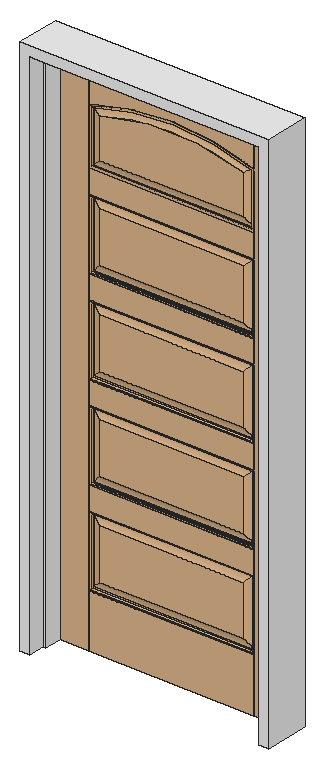
Revit family
Parameters (values of type "1 3/4" Raised Panel")
  URL = "http://www.karonadoor.com"
  Thickness Note = "Do not edit thickness."  # constant formula
  Thickness = 1.774"
  Swing Angle 2D = 90.00°
  SmartBIM Object Version = 1  # constant formula
  SmartBIM Object Created By = "Reed Construction Data"  # constant formula
  Rough Width = 0.000"
  Rough Height = 1.750"
  Panel = Panel_A3050_Karona : 1 3/4" Raised
  Model = "A3050 Ogee"  # constant formula
  Manufacturer = "Karona , Inc."  # constant formula
  Door Panel = Wood, Cherry - Grain Vertical
  Detail Door Thickness = 1.750"
  Assembly Code = ""
  Top Rail Height = 5.000"
  Top Rail = Wood, Cherry - Grain Horizontal
  Stile Width = 5.063"
  Stile = Wood, Cherry - Grain Vertical
  Sticking = Wood, Cherry - Grain Vertical
  Middle Rail = Wood, Cherry - Grain Horizontal
  Height = 84.000"
  Wall Closure = (empty or 0)
  Width = 36.000"
  Frame = Metal
  Bottom Rail Height = 8.500"
  Bottom Rail = Wood, Cherry - Grain Horizontal
  95 CSI = "08210"  # constant formula
  04 CSI = "08 14 33"  # constant formula
Types (9): name | Thickness | Rough Height | Panel | Door Panel | Detail Door Thickness | Top Rail Height | Stile Width | Bottom Rail Height
  1 3/4" Flat Panel | 1.774" | 1.750" | Panel_A3050_Karona : 1 3/4" - Flat Panel | Wood, Cherry - Grain Vertical | 1.750" | 5.000" | 5.063" | 8.500"
  1 3/8" Flat Panel | 1.334" | 0.000" | Panel_A3050_Karona : 1 3/8" - Flat Panel | Wood, Cherry - Grain Vertical | 1.375" | 5.000" | 5.063" | 8.500"
  2 1/4" Flat Panel | 2.250" | 0.000" | Panel_A3050_Karona : 2 1/4" - Flat Panel | Wood, Cherry - Grain Vertical | 2.250" | 5.000" | 5.063" | 8.500"
  1 3/4" Glass Panel | 1.774" | 1.750" | Panel_A3050_Karona : 1 3/4" - Glass Panel | Glass | 1.750" | 5.000" | 5.063" | 8.500"
  1 3/8" Glass Panel | 1.334" | 0.000" | Panel_A3050_Karona : 1 3/8" - Glass Panel | Glass | 1.375" | 5.000" | 5.063" | 8.500"
  2 1/4" Glass Panel | 2.250" | 0.000" | Panel_A3050_Karona : 2 1/4" - Glass | Glass | 2.250" | 5.000" | 5.063" | 8.500"
  1 3/4" Raised Panel | 1.774" | 1.750" | Panel_A3050_Karona : 1 3/4" Raised | Wood, Cherry - Grain Vertical | 1.750" | 5.000" | 5.063" | 8.500"
  1 3/8" Raised Panel | 1.334" | 0.000" | Panel_A3050_Karona : 1 3/8"Raised | Wood, Cherry - Grain Vertical | 1.375" | 5.000" | 5.063" | 8.500"
  2 1/4" Raised Panel | 2.250" | 0.000" | Panel_A3050_Karona : 2 1/4" Raised | Wood, Cherry - Grain Vertical | 2.250" | 10.000" | 7.000" | 10.000"
Reference planes (in)
  plane 1 "Center (Front/Back)": y = 0
  plane 2 "Center (Left/Right)": x = 0
  plane 3 "Left": x = -18
  plane 4 "Right": x = 18
  plane 5 "Top": z = 84
  plane 6 "Exterior Edge of Frame": y = 3.25
  plane 7 "Interior Edge of Frame": y = -3.75
  plane 8: y = 1.476
  plane 9: y = -1.25
  plane 10 "Opening Left": x = -19.5
  plane 11 "Opening Right": x = 19.5
  plane 12 "Top of Opening": z = 85.5
  plane 13: x = -17.5
Forms (in)
  Sweep 1, solid, material "Metal" <- "Frame"
    path origin (0, 0, 0) x (1, 0, 0) y (0, 0, 1)
      loop
        line (-19.5, 0) -> (-19.5, 85.5) -> (19.5, 85.5) -> (19.5, 0)
    profile origin (-19.5, 0, 42.75) x (-1, 0, 0) y (0, -1, 0)
      loop
        line (0, -3.25) -> (0, 3.75) -> (-1.5, 3.75) -> (-1.5, 1.25) -> (-2, 1.25) -> (-2, -1.476) -> (-1.5, -1.476) -> (-1.5, -3.25) -> (0, -3.25)
Lines and regions (in)
  Opening 1
    outline origin (-90, -3.25, 0) x (1, 0, 0) y (0, 0, 1)
      loop
        line (70.5, 0) -> (109.5, 0) -> (109.5, 85.5) -> (70.5, 85.5) -> (70.5, 0)
  symbolic lines, style "Elevation Swing"
    curve 1: line (18, 2.75, 0) -> (-18, 2.75, 42)
    curve 2: line (-18, 2.75, 42) -> (18, 2.75, 84)
Text (in)
  text "Exterior" at (-46.13199, -14.93641, 0), in view "Ref. Level"
  text "Interior" at (-46.13199, 29.36774, 0), in view "Ref. Level"
  text "Exterior" at (0, 40.15149, 123.01588), in view "Right"
  text "Interior" at (0, -64.39139, 123.01588), in view "Right"
  text "Interior" at (0, -31.01599, 123.00693), in view "Left"
  text "Exterior" at (0, 54.57065, 123.00693), in view "Left"
Dimensions and locks (in)
  "Height": level to plane 5 "Top"
  "Width": plane 3 "Left" to plane 4 "Right"
  equal spacing: host wall, curve 2, plane 5 "Top"
  locked: host wall to plane 7 "Interior Edge of Frame" at 0.5
  locked: plane 6 "Exterior Edge of Frame" to host wall at 0.5
  locked: plane 9 to plane 7 "Interior Edge of Frame" at 2.5
  "Thickness": plane 6 "Exterior Edge of Frame" to plane 8
  equal spacing: plane 3 "Left", plane 2 "Center (Left/Right)", plane 4 "Right"
  locked: plane 4 "Right" to plane 11 "Opening Right" at 1.5
  locked: plane 5 "Top" to plane 12 "Top of Opening" at 1.5
  locked: plane 3 "Left" to plane 13 at 0.5
  locked: plane 10 "Opening Left" to plane 3 "Left" at 1.5
  aligned and locked: Opening 1 sketch curve to level
  aligned and locked: plane 4 "Right" to curve 1
  aligned and locked: plane 3 "Left" to curve 1
  aligned and locked: plane 5 "Top" to curve 2
  aligned and locked: Opening 1 sketch curve to plane 11 "Opening Right"
  aligned and locked: plane 12 "Top of Opening" to Opening 1 sketch curve
  aligned and locked: Opening 1 sketch curve to plane 10 "Opening Left"
  aligned and locked: plane 10 "Opening Left" to Sweep 1 sketch curve
  aligned and locked: plane 12 "Top of Opening" to Sweep 1 sketch curve
  aligned and locked: plane 11 "Opening Right" to Sweep 1 sketch curve
  aligned and locked: level to Sweep 1 sketch curve  (x2)
  aligned and locked: Sweep 1 sketch curve to plane 10 "Opening Left"
  aligned and locked: Sweep 1 sketch curve to plane 6 "Exterior Edge of Frame"
  aligned and locked: Sweep 1 sketch curve to plane 7 "Interior Edge of Frame"
  aligned and locked: Sweep 1 sketch curve to plane 8
  aligned and locked: Sweep 1 sketch curve to plane 9
  aligned and locked: plane 13 to Sweep 1 sketch curve
  aligned and locked: plane 3 "Left" to Sweep 1 sketch curve  (x2)
  aligned and locked: nested 2 to plane 3 "Left"
  aligned and locked: nested 2 to plane 8
  aligned and locked: nested 1 to plane 6 "Exterior Edge of Frame"
Automatic sketch dimensions
  curve 1 to level = 0.000"
  curve 2 to plane 4 "Right" = 0.000"
Nested families (in)
  nested 1: "Panel_A3050_Karona" at (-13.5, 1.37119, -1) x (-1, 0, 0) z (0, 0, 1), type <- "Panel", type "1 3/4" Raised"
  nested 2: "Door Panel Plan View" at (-31.5, 1.476, 0) x (-1, 0, 0) z (0, 0, 1), type "Door Panel Plan View"
    with Thickness 1.750", Height 84.000"
Definition of nested family "Panel_A3050_Karona"
  Parameters (values of type "1 3/4" Raised")
    Width = 36.000"
    Top Rail Material = Wood, Cherry - Grain Horizontal
    Top Rail Height = 5.000"
    Thickness Note = "Do not change door thickness"  # constant formula
    Thickness = 1.774"
    Stile Width = 5.063"
    Stile Material = Wood, Cherry - Grain Vertical
    Sticking Material = Wood, Cherry - Grain Vertical
    Radius Vertical Center = 38.92188" + Top Rail Height  # 43.92188"
    Radius = 33.63672"  # constant formula
    Panel Width = Width - (2 * Stile Width)  # 25.874"
    Panel Height = (Height - (Bottom Rail + Top Rail Height + (4 * Middle Strip Width))) / 5  # 11.200"
    Panel = Glass-Sticking-Assembly-Ogee_Karona : Raised Panel
    Middle Strip Width = 3.625"
    Height = 84.000"
    Door Panel Material = Wood, Cherry - Grain Vertical
    Default Elevation = 0.000"  # constant formula
    Bottom Rail Material = Wood, Cherry - Grain Horizontal
    Bottom Rail = 8.500"
    Assembly Code = ""
    Arch Panel = Glass-Sticking-Arched-Assembly-Ogee_Karona : Raised Panel
  Types (9): name | Thickness | Stile Width | Panel Width | Panel | Arch Panel
    1 3/8"Raised | 1.375" | 5.0625" | 25.875" | Glass-Sticking-Assembly-Ogee_Karona : Raised Panel | Glass-Sticking-Arched-Assembly-Ogee_Karona : Raised Panel
    2 1/4" Raised | 2.250" | 5.0625" | 25.875" | Glass-Sticking-Assembly-Ogee_Karona : Raised Panel | Glass-Sticking-Arched-Assembly-Ogee_Karona : Raised Panel
    1 3/4" Raised | 1.774" | 5.063" | 25.874" | Glass-Sticking-Assembly-Ogee_Karona : Raised Panel | Glass-Sticking-Arched-Assembly-Ogee_Karona : Raised Panel
    1 3/8" - Flat Panel | 1.375" | 5.0625" | 25.875" | Glass-Sticking-Assembly-Ogee_Karona : Flat Panel | Glass-Sticking-Arched-Assembly-Ogee_Karona : Glass Panel
    1 3/8" - Glass Panel | 1.375" | 5.0625" | 25.875" | Glass-Sticking-Assembly-Ogee_Karona : Glass Panel | Glass-Sticking-Arched-Assembly-Ogee_Karona : Glass Panel
    1 3/4" - Glass Panel | 1.750" | 5.0625" | 25.875" | Glass-Sticking-Assembly-Ogee_Karona : Glass Panel | Glass-Sticking-Arched-Assembly-Ogee_Karona : Glass Panel
    1 3/4" - Flat Panel | 1.750" | 5.0625" | 25.875" | Glass-Sticking-Assembly-Ogee_Karona : Flat Panel | Glass-Sticking-Arched-Assembly-Ogee_Karona : Glass Panel
    2 1/4" - Glass | 2.250" | 5.0625" | 25.875" | Glass-Sticking-Assembly-Ogee_Karona : Glass Panel | Glass-Sticking-Arched-Assembly-Ogee_Karona : Glass Panel
    2 1/4" - Flat Panel | 2.250" | 5.0625" | 25.875" | Glass-Sticking-Assembly-Ogee_Karona : Flat Panel | Glass-Sticking-Arched-Assembly-Ogee_Karona : Glass Panel
  Reference planes (in)
    plane 1 "Center (Front/Back)": y = 0.99181
    plane 2: z = 1
    plane 3 "Center (Left/Right)": x = -13.5
    plane 4 "Left": x = -31.5
    plane 5: x = 4.5
    plane 6 "Inner Left": x = -26.437
    plane 7: x = -15.3125
    plane 8 "Inner Right": x = -0.563
    plane 9: x = -11.6875
    plane 10: z = 9.5
    plane 11 "Bottom Of Top Rail": z = 80
    plane 12 "Top": z = 85
    plane 13 "Interior Edge of Door": y = 1.87881
    plane 14 "Exterior Edge of Door": y = 0.10481
    plane 15 "Bottom of Glass": y = 0.9095
    plane 16: x = -20.87475
    plane 17: x = -6.12525
    plane 18: z = 66.9875
    plane 19: z = 37.3375
    plane 20: z = 22.5125
    plane 21: z = 65.175
    plane 22: z = 68.8
    plane 23: z = 35.525
    plane 24: z = 39.15
    plane 25: z = 24.325
    plane 26: z = 20.7
    plane 27: z = 53.975
    plane 28: z = 52.1625
    plane 29: z = 50.35
    plane 30 "Radius Vertical Center": z = 41.07812
  Forms (in)
    Extrusion 1, solid, material "Wood, Cherry - Grain Horizontal" <- "Bottom Rail Material"
      sketch origin (0, -101.3125, 8.83203) x (1, 0, 0) y (0, 0, 1)
        loop
          line (-26.437, -7.83203) -> (-0.563, -7.83203) -> (-0.563, 0.66797) -> (-26.437, 0.66797) -> (-26.437, -7.83203)
      from -103.19131 to -101.41731
    Extrusion 2, solid, material "Wood, Cherry - Grain Vertical" <- "Stile Material"
      sketch origin (0, 0.99181, 8.83203) x (1, 0, 0) y (0, 0, 1)
        loop
          line (-31.5, 76.16797) -> (-31.5, -7.83203) -> (-26.437, -7.83203) -> (-26.437, 76.16797) -> (-31.5, 76.16797)
        loop
          line (-0.563, -7.83203) -> (4.5, -7.83203) -> (4.5, 76.16797) -> (-0.563, 76.16797) -> (-0.563, -7.83203)
      from -0.887 to 0.887
    Extrusion 3, solid, material "Wood, Cherry - Grain Horizontal" <- "Bottom Rail Material"
      sketch origin (0, 0.99181, -18.16797) x (1, 0, 0) y (0, 0, 1)
        loop
          line (-26.437, 86.96797) -> (-26.437, 83.34297) -> (-0.563, 83.34297) -> (-0.563, 86.96797) -> (-26.437, 86.96797)
        loop
          line (-26.437, 57.31797) -> (-26.437, 53.69297) -> (-0.563, 53.69297) -> (-0.563, 57.31797) -> (-26.437, 57.31797)
        loop
          line (-26.437, 42.49297) -> (-26.437, 38.86797) -> (-0.563, 38.86797) -> (-0.563, 42.49297) -> (-26.437, 42.49297)
        loop
          line (-0.563, 72.14297) -> (-26.437, 72.14297) -> (-26.437, 68.51797) -> (-0.563, 68.51797) -> (-0.563, 72.14297)
      from -0.887 to 0.887
    Extrusion 4, solid, material "Wood, Cherry - Grain Horizontal" <- "Top Rail Material"
      sketch origin (0, 0.99181, 0) x (1, 0, 0) y (0, 0, 1)
        loop
          line (-26.437, 85) -> (-26.437, 77.78834)
          arc (-26.437, 77.78834) -> (-13.5, 80.0012) -> (-0.563, 77.78834) r 38.92308
          line (-0.563, 77.78834) -> (-0.563, 85) -> (-26.437, 85)
      from -0.887 to 0.887
  Lines and regions (in)
    symbolic lines, style "InvisibleLines"
      curve 1: line (-13.5, 1.87881, 85) -> (-13.5, 0.10481, 85)
  Text (in)
    text "EXTERIOR" at (-34.59289, -1.27941, 0), in view "Ref. Level"
    text "EXTERIOR" at (0, -9.65287, 72.76687), in view "Left"
    text "EXTERIOR" at (0, -33.33473, 96.68074), in view "Right"
  Dimensions and locks (in)
    equal spacing: plane 4 "Left", plane 3 "Center (Left/Right)", plane 5
    "Width": plane 4 "Left" to plane 5
    "Stile Width": plane 4 "Left" to plane 6 "Inner Left"
    "Stile Width": plane 5 to plane 8 "Inner Right"
    "Middle Strip Width": plane 9 to plane 7
    equal spacing: plane 9, plane 3 "Center (Left/Right)", plane 7
    "Bottom Rail": plane 10 to plane 2
    "Top Rail Height": plane 12 "Top" to plane 11 "Bottom Of Top Rail"
    "Height": plane 12 "Top" to plane 2
    equal spacing: plane 13 "Interior Edge of Door", plane 1 "Center (Front/Back)", plane 14 "Exterior Edge of Door"
    "Thickness": plane 13 "Interior Edge of Door" to plane 14 "Exterior Edge of Door"
    locked: plane 15 "Bottom of Glass" to plane 14 "Exterior Edge of Door" at 0.80469
    equal spacing: plane 7, plane 16, plane 6 "Inner Left"
    equal spacing: plane 8 "Inner Right", plane 17, plane 9
    equal spacing: plane 25, plane 20, plane 26
    "Middle Strip Width": plane 25 to plane 26
    equal spacing: plane 24, plane 19, plane 23
    "Middle Strip Width": plane 24 to plane 23
    equal spacing: plane 22, plane 18, plane 21
    "Middle Strip Width": plane 22 to plane 21
    "Panel Height": plane 11 "Bottom Of Top Rail" to plane 22
    "Panel Height": plane 23 to plane 25
    equal spacing: plane 27, plane 28, plane 29
    "Panel Height": plane 29 to plane 24
    "Middle Strip Width": plane 27 to plane 29
    "Panel Height": plane 21 to plane 27
    "Radius Vertical Center": plane 12 "Top" to plane 30 "Radius Vertical Center"
    plane 26 to plane 10 = 11.200"
    radius of Extrusion 4 sketch curve = 38.92308"
    aligned and locked: Extrusion 1 to plane 2
    aligned and locked: plane 13 "Interior Edge of Door" to Extrusion 1
    aligned and locked: plane 4 "Left" to Extrusion 2 sketch curve
    aligned and locked: Extrusion 2 sketch curve to plane 12 "Top"
    aligned and locked: Extrusion 2 sketch curve to Extrusion 1  (x3)
    aligned and locked: Extrusion 1 to Extrusion 2 sketch curve
    aligned and locked: plane 12 "Top" to Extrusion 2 sketch curve
    aligned and locked: plane 5 to Extrusion 2 sketch curve
    aligned and locked: plane 13 "Interior Edge of Door" to Extrusion 2
    aligned and locked: Extrusion 2 to plane 14 "Exterior Edge of Door"
    aligned and locked: Extrusion 1 to Extrusion 2
    aligned and locked: Extrusion 2 to plane 8 "Inner Right"
    aligned and locked: plane 22 to Extrusion 3 sketch curve
    aligned and locked: plane 21 to Extrusion 3 sketch curve
    aligned and locked: Extrusion 3 sketch curve to plane 8 "Inner Right"
    aligned and locked: plane 6 "Inner Left" to Extrusion 3 sketch curve  (x3)
    aligned and locked: plane 24 to Extrusion 3 sketch curve
    aligned and locked: Extrusion 2 to Extrusion 3 sketch curve  (x2)
    aligned and locked: plane 23 to Extrusion 3 sketch curve
    aligned and locked: plane 25 to Extrusion 3 sketch curve
    aligned and locked: plane 26 to Extrusion 3 sketch curve
    aligned and locked: plane 13 "Interior Edge of Door" to Extrusion 3
    aligned and locked: Extrusion 3 to plane 14 "Exterior Edge of Door"
    aligned and locked: level to plane 2
    aligned and locked: Extrusion 3 to plane 25
    aligned and locked: plane 25 to nested 1
    aligned and locked: plane 3 "Center (Left/Right)" to nested 2
    aligned and locked: plane 3 "Center (Left/Right)" to nested 1
    aligned and locked: curve 1 to Extrusion 1
    aligned and locked: curve 1 to plane 3 "Center (Left/Right)"
    aligned and locked: Extrusion 3 to plane 6 "Inner Left"
    aligned and locked: plane 8 "Inner Right" to Extrusion 3 sketch curve
    aligned and locked: plane 27 to Extrusion 3 sketch curve
    aligned and locked: Extrusion 3 to plane 21
    aligned and locked: Extrusion 3 to plane 29
    aligned and locked: plane 27 to Extrusion 3
    aligned and locked: Extrusion 3 to plane 22
    aligned and locked: plane 3 "Center (Left/Right)" to nested 3
    aligned and locked: plane 5 to Extrusion 2
    aligned and locked: Extrusion 2 to level  (x2)
    aligned and locked: Extrusion 1 to level
    aligned and locked: plane 4 "Left" to Extrusion 2
    aligned and locked: plane 12 "Top" to Extrusion 2  (x2)
    aligned and locked: Extrusion 4 sketch curve to plane 12 "Top"
    aligned and locked: Extrusion 4 sketch curve to plane 8 "Inner Right"
    aligned and locked: Extrusion 4 sketch curve to plane 6 "Inner Left"
    aligned and locked: plane 30 "Radius Vertical Center" to Extrusion 4 sketch curve
    aligned and locked: plane 3 "Center (Left/Right)" to Extrusion 4 sketch curve
    aligned and locked: plane 13 "Interior Edge of Door" to Extrusion 4
    aligned and locked: Extrusion 4 to plane 14 "Exterior Edge of Door"
    aligned and locked: plane 3 "Center (Left/Right)" to nested 5
    aligned and locked: plane 22 to nested 5
    aligned and locked: nested 4 to plane 10
    aligned and locked: plane 3 "Center (Left/Right)" to nested 4
    aligned and locked: plane 24 to nested 2
    aligned and locked: nested 3 to plane 27
    aligned and locked: nested 3 to nested 2
    aligned and locked: nested 4 to plane 1 "Center (Front/Back)"
    aligned and locked: nested 1 to plane 1 "Center (Front/Back)"
    aligned and locked: nested 2 to plane 1 "Center (Front/Back)"
    aligned and locked: nested 5 to plane 1 "Center (Front/Back)"
  Automatic sketch dimensions
    Extrusion 1 sketch curve to plane 6 "Inner Left" = 0.000"
    Extrusion 1 sketch curve to plane 8 "Inner Right" = 0.000"
    Extrusion 1 sketch curve to level = 0.000"
    Extrusion 1 sketch curve to plane 10 = 0.000"
    Extrusion 3 sketch curve to plane 6 "Inner Left" = 0.000"
    Extrusion 3 sketch curve to plane 29 = 0.000"
    curve 1 to plane 14 "Exterior Edge of Door" = 0.000"
  Nested families (in)
    nested 1: "Glass-Sticking-Assembly-Ogee_Karona" at (-13.96875, 1.14231, 24.325), Width <- "Panel Width", Height <- "Panel Height", type <- "Panel", type "Raised Panel"
      with Width 25.874", Height 11.200"
    nested 2: "Glass-Sticking-Assembly-Ogee_Karona" at (-13.96875, 1.14231, 39.15), Width <- "Panel Width", Height <- "Panel Height", type <- "Panel", type "Raised Panel"
      with Width 25.874", Height 11.200"
    nested 3: "Glass-Sticking-Assembly-Ogee_Karona" at (-13.96875, 1.14231, 53.975), Width <- "Panel Width", Height <- "Panel Height", type <- "Panel", type "Raised Panel"
      with Width 25.874", Height 11.200"
    nested 4: "Glass-Sticking-Assembly-Ogee_Karona" at (-13.96875, 1.14231, 9.5), Width <- "Panel Width", Height <- "Panel Height", type <- "Panel", type "Raised Panel"
      with Width 25.874", Height 11.200"
    nested 5: "Glass-Sticking-Arched-Assembly-Ogee_Karona" at (-13.96875, 1.14231, 68.8), Width <- "Panel Width", Height <- "Panel Height", type <- "Arch Panel", type "Raised Panel"
      with Width 25.874", Radius 38.922", Height 11.200", Drop 2.21293", Curve Adjustment 38.922"
  Definition of nested family "Glass-Sticking-Assembly-Ogee_Karona"
    Parameters (values of type "Glass Panel")
      Width [instance] = 5.000"
      Vertical Profile Offset = if(Glass Panel, 0.490", 0.100")  # 0.490"
      Stop Adjustment = if(and(not(Glass Panel), Door Thickness = 1.774"), 0.513", if(and(not(Glass Panel), Door Thickness = 2.250"), 0.513", if((Glass Panel), 0.125", 0.273")))  # 0.125"
      Profile = Wood, Cherry - Grain Vertical
      Height [instance] = 23.000"
      Raised Panel = no
      Interior Panel = Wood, Cherry - Grain Vertical
      Glass Panel = yes
      Door Thickness = 1.774"
      C = if(Door Thickness = 1.774", 0.131", if(Door Thickness = 2.250", 0.370", 0.093"))  # 0.131"
      B = if(Door Thickness = 1.774", 0.567", if(Door Thickness = 2.250", 0.803", 0.469"))  # 0.567"
      Assembly Code = ""
      A = if(Door Thickness = 1.774", 0.128", if(Door Thickness = 2.250", 0.364", 0.095"))  # 0.128"
    Types (3): name | Width | Vertical Profile Offset | Stop Adjustment | Raised Panel | Glass Panel
      Glass Panel | 5.000" | 0.490" | 0.125" | no | yes
      Flat Panel | 4.500" | 0.100" | 0.513" | no | no
      Raised Panel | 4.000" | 0.100" | 0.513" | yes | no
    Reference planes (in)
      plane 1 "Stop Adjustment Edge": y = -0.3455
      plane 2: z = 0
      plane 3 "Center (Left/Right)": x = 0.46875
      plane 4 "Back": y = 0.7365
      plane 5 "Front": y = -1.0375
      plane 6 "Left": x = -2.03125
      plane 7 "Right": x = 2.96875
      plane 8 "Top": z = 23
      plane 9 "Center (Up/Down)": z = 11.5
      plane 10 "Bottom of Stop": y = -0.2205
      plane 11 "Bottom of Glass": y = -0.4705
      plane 12 "Right Edge of Glass": x = 2.91875
      plane 13 "Left Edge of Glass": x = -1.98125
      plane 14 "Top Edge of Glass": z = 22.90625
      plane 15 "Bottom Edge of Glass": z = 0.09375
      plane 16: x = 2.84375
      plane 17 "A": y = -0.9095
      plane 18 "C": y = 0.6055
      plane 19 "Bottom Cut Line": z = 0.438
      plane 20 "Top Cut Line": z = 22.562
      plane 21 "Cut Vertical Left": x = -1.59325
      plane 22 "Cut Vertical": x = 2.53075
      plane 23 "Center (Front/Back)": y = -0.1505
    Forms (in)
      Sweep 1, solid, material "Wood, Cherry - Grain Vertical" <- "Profile"
        path origin (0, -0.3455, 0) x (1, 0, 0) y (0, 0, 1)
          loop
            line (2.96875, 23) -> (-2.03125, 23) -> (-2.03125, 0) -> (2.96875, 0) -> (2.96875, 23)
        profile origin (2.96875, -0.3455, 11.5) x (0, -1, 0) y (1, 0, 0)
          loop
            line (-0.951, 0) -> (-0.951, -0.438) -> (-0.125, -0.438) -> (-0.125, -0.05) -> (0.125, -0.05) -> (0.125, -0.438) -> (0.564, -0.438) -> (0.564, 0) -> (-0.951, 0)
      Extrusion 2, solid, material "Wood, Cherry - Grain Vertical" <- "Interior Panel"
        sketch origin (0, 0, 0) x (1, 0, 0) y (0, 1, 0)
          loop
            line (-1.98125, -0.2205) -> (-1.98125, -0.4705) -> (2.91875, -0.4705) -> (2.91875, -0.2205) -> (-1.98125, -0.2205)
        from 0.09375 to 22.90625
      Extrusion 3, solid, material "Wood, Cherry - Grain Vertical" <- "Profile", visible <- "Raised Panel"
        sketch origin (0, 0, 0) x (1, 0, 0) y (0, 1, 0)
          loop
            line (2.53075, 0.6055) -> (-1.59325, 0.6055) -> (-1.59325, -0.2205) -> (2.53075, -0.2205) -> (2.53075, 0.6055)
          loop
            line (-1.59325, -0.4705) -> (-1.59325, -0.9095) -> (2.53075, -0.9095) -> (2.53075, -0.4705) -> (-1.59325, -0.4705)
        from 0.438 to 22.562
      Sweep 4, void
        path origin (0, -0.2205, 0) x (-1, 0, 0) y (0, 0, 1)
          loop
            line (2.03125, 0) -> (2.03125, 23) -> (-2.96875, 23) -> (-2.96875, 0) -> (2.03125, 0)
        profile "Profile : 05" origin (-2.03125, -0.2205, 11.5) x (1, 0, 0) y (0, 1, 0)
          loop
            line (0, 0.49) -> (0.36169, 0.49096)
            arc (0.36169, 0.49096) -> (1.01257, 0.57642) -> (1.61934, 0.827) r 2.52143
            line (1.61934, 0.827) -> (0, 0.827) -> (0, 0.49)
      Sweep 5, void
        path origin (0, -0.4705, 0) x (-1, 0, 0) y (0, 0, 1)
          loop
            line (-2.96875, 23) -> (-2.96875, 0) -> (2.03125, 0) -> (2.03125, 23) -> (-2.96875, 23)
        profile "Profile : 05" origin (2.96875, -0.4705, 11.5) x (-1, 0, 0) y (0, 1, 0)
          loop
            line (0, -0.102) -> (0, -0.439) -> (1.61934, -0.439)
            arc (1.61934, -0.439) -> (1.01257, -0.18842) -> (0.36169, -0.10296) r 2.52143
            line (0.36169, -0.10296) -> (0, -0.102)
      Sweep 6, void
        path origin (0, 0.6055, 0) x (1, 0, 0) y (0, 0, 1)
          loop
            line (-1.59325, 0.438) -> (2.53075, 0.438) -> (2.53075, 22.562) -> (-1.59325, 22.562) -> (-1.59325, 0.438)
        profile "QuarterCircleCut : QuarterCircleCut" origin (2.53075, 0.6055, 11.5) x (-1, 0, 0) y (0, -1, 0)
          loop
            arc (0.3196, 0) -> (0.182, 0.057) -> (0.125, 0.1946) r 0.1946
            line (0.125, 0.1946) -> (0.125, 0.27745) -> (0, 0.27745) -> (0, 0) -> (0.3196, 0)
      Sweep 7, void
        path origin (0, -0.9095, 0) x (1, 0, 0) y (0, 0, 1)
          loop
            line (-1.59325, 0.438) -> (2.53075, 0.438) -> (2.53075, 22.562) -> (-1.59325, 22.562) -> (-1.59325, 0.438)
        profile "QuarterCircleCut : QuarterCircleCut" origin (2.53075, -0.9095, 11.5) x (-1, 0, 0) y (0, -1, 0)
          loop
            line (0.3196, 0) -> (0, 0) -> (0, -0.27745) -> (0.125, -0.27745) -> (0.125, -0.1946)
            arc (0.125, -0.1946) -> (0.182, -0.057) -> (0.3196, 0) r 0.1946
    Cuts and joins
      Sweep 4, Sweep 5, Sweep 7 cuts Extrusion 3
      Sweep 6, Sweep 7 cuts Sweep 1
    Text (in)
      text "INTERIOR" at (-14.3788, 3.49864, 0), in view "Ref. Level"
    Dimensions and locks (in)
      equal spacing: plane 6 "Left", plane 3 "Center (Left/Right)", plane 7 "Right"
      "Width": plane 6 "Left" to plane 7 "Right"
      "Door Thickness": plane 4 "Back" to plane 5 "Front"
      "Height": plane 8 "Top" to plane 2
      equal spacing: plane 8 "Top", plane 9 "Center (Up/Down)", level
      locked: plane 1 "Stop Adjustment Edge" to plane 11 "Bottom of Glass" at 0.125
      "Stop Adjustment": plane 10 "Bottom of Stop" to plane 1 "Stop Adjustment Edge"
      locked: plane 12 "Right Edge of Glass" to plane 7 "Right" at 0.05
      locked: plane 8 "Top" to plane 14 "Top Edge of Glass" at 0.09375
      locked: plane 15 "Bottom Edge of Glass" to level at 0.09375
      locked: plane 6 "Left" to plane 13 "Left Edge of Glass" at 0.05
      "B": plane 5 "Front" to plane 11 "Bottom of Glass"
      locked: plane 16 to plane 7 "Right" at 0.125
      "A": plane 5 "Front" to plane 17 "A"
      "C": plane 18 "C" to plane 4 "Back"
      plane 4 "Back" to Sweep 1 = 0.957"
      locked: plane 19 "Bottom Cut Line" to level at 0.438
      locked: plane 8 "Top" to plane 20 "Top Cut Line" at 0.438
      locked: plane 6 "Left" to plane 21 "Cut Vertical Left" at 0.438
      locked: plane 22 "Cut Vertical" to plane 7 "Right" at 0.438
      equal spacing: plane 4 "Back", plane 23 "Center (Front/Back)", plane 5 "Front"
      aligned and locked: Sweep 1 sketch curve to plane 7 "Right"
      aligned and locked: Sweep 1 sketch curve to plane 8 "Top"
      aligned and locked: Sweep 1 sketch curve to plane 6 "Left"
      aligned and locked: Sweep 1 sketch curve to level
      aligned and locked: plane 10 "Bottom of Stop" to Sweep 1 sketch curve
      aligned and locked: plane 11 "Bottom of Glass" to Sweep 1 sketch curve
      aligned and locked: Extrusion 2 sketch curve to plane 13 "Left Edge of Glass"
      aligned and locked: Extrusion 2 sketch curve to plane 10 "Bottom of Stop"
      aligned and locked: Extrusion 2 sketch curve to plane 11 "Bottom of Glass"
      aligned and locked: Extrusion 2 sketch curve to plane 12 "Right Edge of Glass"
      aligned and locked: plane 14 "Top Edge of Glass" to Extrusion 2
      aligned and locked: Extrusion 2 to plane 15 "Bottom Edge of Glass"
      aligned and locked: Extrusion 3 sketch curve to plane 18 "C"
      aligned and locked: Extrusion 3 sketch curve to plane 10 "Bottom of Stop"
      aligned and locked: Extrusion 3 sketch curve to plane 11 "Bottom of Glass"
      aligned and locked: Extrusion 3 sketch curve to plane 17 "A"
      aligned and locked: Extrusion 3 to plane 19 "Bottom Cut Line"
      aligned and locked: Extrusion 3 to plane 20 "Top Cut Line"
      aligned and locked: plane 12 "Right Edge of Glass" to Sweep 1 sketch curve
      aligned and locked: plane 22 "Cut Vertical" to Extrusion 3 sketch curve  (x2)
      aligned and locked: Extrusion 3 sketch curve to plane 21 "Cut Vertical Left"  (x2)
      aligned and locked: plane 22 "Cut Vertical" to Sweep 1 sketch curve
      aligned and locked: Sweep 5 sketch curve to plane 6 "Left"
      aligned and locked: plane 8 "Top" to Sweep 5 sketch curve
      aligned and locked: Sweep 5 sketch curve to plane 7 "Right"
      aligned and locked: level to Sweep 5 sketch curve
      aligned and locked: Sweep 4 sketch curve to plane 7 "Right"
      aligned and locked: plane 8 "Top" to Sweep 4 sketch curve
      aligned and locked: Sweep 4 sketch curve to plane 6 "Left"
      aligned and locked: level to Sweep 4 sketch curve
      aligned and locked: plane 18 "C" to Sweep 1 sketch curve
      aligned and locked: Sweep 6 sketch curve to plane 21 "Cut Vertical Left"
      aligned and locked: plane 22 "Cut Vertical" to Sweep 6 sketch curve
      aligned and locked: Sweep 6 sketch curve to plane 19 "Bottom Cut Line"
      aligned and locked: plane 20 "Top Cut Line" to Sweep 6 sketch curve
      aligned and locked: Sweep 1 sketch curve to plane 22 "Cut Vertical"
      aligned and locked: plane 17 "A" to Sweep 1 sketch curve
      aligned and locked: Sweep 7 sketch curve to plane 21 "Cut Vertical Left"
      aligned and locked: plane 20 "Top Cut Line" to Sweep 7 sketch curve
      aligned and locked: plane 22 "Cut Vertical" to Sweep 7 sketch curve
      aligned and locked: Sweep 7 sketch curve to plane 19 "Bottom Cut Line"
    Automatic sketch dimensions
      Sweep 1 sketch curve to profile plane = 0.000"
  Definition of nested family "Glass-Sticking-Arched-Assembly-Ogee_Karona"
    Parameters (values of type "Flat Panel")
      Width [instance] = 19.000"
      Vertical Profile Offset = if(Glass Panel, 0.490", 0.100")  # 0.100"
      Stop Adjustment = if(and(not(Glass Panel), Door Thickness = 1.774"), 0.513", if(and(not(Glass Panel), Door Thickness = 2.250"), 0.513", if((Glass Panel), 0.125", 0.273")))  # 0.513"
      Radius [instance] = 38.922"  # constant formula
      Profile = Wood, Cherry - Grain Vertical
      Height [instance] = 17.875"
      Raised Panel = no
      Interior Panel = Wood, Cherry - Grain Vertical
      Glass Panel = no
      Drop [instance] = Radius - (sqrt((Radius ^ 2) - ((0.5 * Width) ^ 2)))  # 1.17717"
      Door Thickness = 1.774"
      Curve Adjustment [instance] = Height - (Height - Radius)  # 38.922"
      C = if(Door Thickness = 1.774", 0.131", if(Door Thickness = 2.250", 0.370", 0.093"))  # 0.131"
      B = if(Door Thickness = 1.774", 0.567", if(Door Thickness = 2.250", 0.803", 0.469"))  # 0.567"
      Assembly Code = ""
      A = if(Door Thickness = 1.774", 0.128", if(Door Thickness = 2.250", 0.364", 0.095"))  # 0.128"
    Types (3): name | Vertical Profile Offset | Stop Adjustment | Raised Panel | Glass Panel
      Glass Panel | 0.490" | 0.125" | no | yes
      Flat Panel | 0.100" | 0.513" | no | no
      Raised Panel | 0.100" | 0.513" | yes | no
    Reference planes (in)
      plane 1 "Stop Adjustment Edge": y = -0.3455
      plane 2: z = 0
      plane 3 "Center (Left/Right)": x = 0.46875
      plane 4 "Back": y = 0.7365
      plane 5 "Front": y = -1.0375
      plane 6 "Left": x = -9.03125
      plane 7 "Right": x = 9.96875
      plane 8 "Top": z = 17.875
      plane 9 "Center (Up/Down)": z = 8.9375
      plane 10 "Bottom of Stop": y = 0.1675
      plane 11 "Bottom of Glass": y = -0.4705
      plane 12 "Right Edge of Glass": x = 9.91875
      plane 13 "Left Edge of Glass": x = -8.98125
      plane 14 "Top Edge of Glass": z = 17.78125
      plane 15 "Bottom Edge of Glass": z = 0.09375
      plane 16: x = 9.84375
      plane 17 "A": y = -0.9095
      plane 18 "C": y = 0.6055
      plane 19 "Bottom Cut Line": z = 0.438
      plane 20 "Top Cut Line": z = 17.437
      plane 21 "Cut Vertical Left": x = -8.59325
      plane 22 "Cut Vertical": x = 9.53075
      plane 23 "Center (Front/Back)": y = -0.1505
      plane 24: z = 18.875
      plane 25 "Drop": z = 16.69783
      plane 26: z = -21.14075
    Forms (in)
      Sweep 1, solid, material "Wood, Cherry - Grain Vertical" <- "Profile"
        path origin (0, -0.3455, 0) x (1, 0, 0) y (0, 0, 1)
          loop
            arc (9.96875, 16.69783) -> (0.46875, 17.875) -> (-9.03125, 16.69783) r 38.922
            line (-9.03125, 16.69783) -> (-9.03125, 0) -> (9.96875, 0) -> (9.96875, 16.69783)
        profile origin (9.96875, -0.3455, 8.34891) x (0, -1, 0) y (1, 0, 0)
          loop
            line (-0.951, 0) -> (-0.951, -0.438) -> (-0.513, -0.438) -> (-0.513, -0.05) -> (0.125, -0.05) -> (0.125, -0.438) -> (0.564, -0.438) -> (0.564, 0) -> (-0.951, 0)
      Extrusion 2, solid, material "Wood, Cherry - Grain Vertical" <- "Interior Panel"
        sketch origin (0, 0, 0) x (1, 0, 0) y (0, 1, 0)
          loop
            line (-8.98125, 0.1675) -> (-8.98125, -0.4705) -> (9.91875, -0.4705) -> (9.91875, 0.1675) -> (-8.98125, 0.1675)
        from 0.09375 to 17.78125
      Extrusion 3, solid, material "Wood, Cherry - Grain Vertical" <- "Profile", visible <- "Raised Panel"
        sketch origin (0, 0, 0) x (1, 0, 0) y (0, 1, 0)
          loop
            line (9.53075, 0.6055) -> (-8.59325, 0.6055) -> (-8.59325, 0.1675) -> (9.53075, 0.1675) -> (9.53075, 0.6055)
          loop
            line (-8.59325, -0.4705) -> (-8.59325, -0.9095) -> (9.53075, -0.9095) -> (9.53075, -0.4705) -> (-8.59325, -0.4705)
        from 0.438 to 17.437
      Sweep 4, void
        path origin (0, 0.1675, 0) x (-1, 0, 0) y (0, 0, 1)
          loop
            line (9.03125, 0) -> (9.03125, 16.69783)
            arc (9.03125, 16.69783) -> (-0.46875, 17.875) -> (-9.96875, 16.69783) r 38.922
            line (-9.96875, 16.69783) -> (-9.96875, 0) -> (9.03125, 0)
        profile "Profile : 05" origin (-9.03125, 0.1675, 8.34891) x (1, 0, 0) y (0, 1, 0)
          loop
            line (0, 0.1) -> (0.36169, 0.10096)
            arc (0.36169, 0.10096) -> (1.01257, 0.18642) -> (1.61934, 0.437) r 2.52143
            line (1.61934, 0.437) -> (0, 0.437) -> (0, 0.1)
      Sweep 5, void
        path origin (0, -0.4705, 0) x (-1, 0, 0) y (0, 0, 1)
          loop
            line (-9.96875, 16.69783) -> (-9.96875, 0) -> (9.03125, 0) -> (9.03125, 16.69783)
            arc (9.03125, 16.69783) -> (-0.46875, 17.875) -> (-9.96875, 16.69783) r 38.922
        profile "Profile : 05" origin (9.96875, -0.4705, 8.34891) x (-1, 0, 0) y (0, 1, 0)
          loop
            line (0, -0.102) -> (0, -0.439) -> (1.61934, -0.439)
            arc (1.61934, -0.439) -> (1.01257, -0.18842) -> (0.36169, -0.10296) r 2.52143
            line (0.36169, -0.10296) -> (0, -0.102)
      Sweep 6, void
        path origin (0, 0.6055, 0) x (1, 0, 0) y (0, 0, 1)
          loop
            line (-8.59325, 0.438) -> (9.53075, 0.438) -> (9.53075, 16.35485)
            arc (9.53075, 16.35485) -> (0.46875, 17.437) -> (-8.59325, 16.35485) r 38.484
            line (-8.59325, 16.35485) -> (-8.59325, 0.438)
        profile "QuarterCircleCut : QuarterCircleCut" origin (-8.59325, 0.6055, 8.39643) x (-1, 0, 0) y (0, -1, 0)
          loop
            arc (0.3196, 0) -> (0.182, 0.057) -> (0.125, 0.1946) r 0.1946
            line (0.125, 0.1946) -> (0.125, 0.27745) -> (0, 0.27745) -> (0, 0) -> (0.3196, 0)
      Extrusion 7, void
        sketch origin (9.53075, -0.9095, 0) x (1, 0, 0) y (0, 0, -1)
          loop
            line (-18.562, -18.87497) -> (0.438, -18.87497) -> (0.438, -16.60408)
            arc (0.438, -16.60408) -> (-9.062, -17.78125) -> (-18.562, -16.60408) r 38.922
            line (-18.562, -16.60408) -> (-18.562, -18.87497)
        from -0.128 to 1.646
      Sweep 8, void
        path origin (0, -0.8445, 0) x (1, 0, 0) y (0, 0, -1)
          loop
            line (-8.59325, -0.438) -> (-8.59325, -16.35485)
            arc (-8.59325, -16.35485) -> (0.46875, -17.437) -> (9.53075, -16.35485) r 38.484
            line (9.53075, -16.35485) -> (9.53075, -0.438) -> (-8.59325, -0.438)
        profile "QuarterCircleCut : QuarterCircleCut" origin (-8.59325, -0.8445, 8.39643) x (1, 0, 0) y (0, 1, 0)
          loop
            line (-0.3196, 0) -> (0, 0) -> (0, 0.27745) -> (-0.125, 0.27745) -> (-0.125, 0.1946)
            arc (-0.125, 0.1946) -> (-0.182, 0.057) -> (-0.3196, 0) r 0.1946
    Cuts and joins
      Sweep 4, Sweep 5, Extrusion 7 cuts Extrusion 3
      Sweep 6, Extrusion 7, Sweep 8 cuts Sweep 1
      Extrusion 7 cuts Extrusion 2
    Text (in)
      text "INTERIOR" at (-14.3788, 3.49864, 0), in view "Ref. Level"
    Dimensions and locks (in)
      equal spacing: plane 6 "Left", plane 3 "Center (Left/Right)", plane 7 "Right"
      "Width": plane 6 "Left" to plane 7 "Right"
      "Door Thickness": plane 4 "Back" to plane 5 "Front"
      "Height": plane 8 "Top" to plane 2
      equal spacing: plane 8 "Top", plane 9 "Center (Up/Down)", level
      locked: plane 1 "Stop Adjustment Edge" to plane 11 "Bottom of Glass" at 0.125
      "Stop Adjustment": plane 10 "Bottom of Stop" to plane 1 "Stop Adjustment Edge"
      locked: plane 12 "Right Edge of Glass" to plane 7 "Right" at 0.05
      locked: plane 8 "Top" to plane 14 "Top Edge of Glass" at 0.09375
      locked: plane 15 "Bottom Edge of Glass" to level at 0.09375
      locked: plane 6 "Left" to plane 13 "Left Edge of Glass" at 0.05
      "B": plane 5 "Front" to plane 11 "Bottom of Glass"
      locked: plane 16 to plane 7 "Right" at 0.125
      "A": plane 5 "Front" to plane 17 "A"
      "C": plane 18 "C" to plane 4 "Back"
      plane 4 "Back" to Sweep 1 = 0.569"
      locked: plane 19 "Bottom Cut Line" to level at 0.438
      locked: plane 8 "Top" to plane 20 "Top Cut Line" at 0.438
      locked: plane 6 "Left" to plane 21 "Cut Vertical Left" at 0.438
      locked: plane 22 "Cut Vertical" to plane 7 "Right" at 0.438
      equal spacing: plane 4 "Back", plane 23 "Center (Front/Back)", plane 5 "Front"
      locked: plane 24 to plane 8 "Top" at 1
      "Drop": plane 8 "Top" to plane 25 "Drop"
      "Curve Adjustment": plane 14 "Top Edge of Glass" to plane 26
      "Radius": radius of Extrusion 7 sketch curve
      aligned and locked: Sweep 1 sketch curve to plane 6 "Left"
      aligned and locked: Sweep 1 sketch curve to level
      aligned and locked: plane 10 "Bottom of Stop" to Sweep 1 sketch curve
      aligned and locked: plane 11 "Bottom of Glass" to Sweep 1 sketch curve
      aligned and locked: Extrusion 2 sketch curve to plane 13 "Left Edge of Glass"
      aligned and locked: Extrusion 2 sketch curve to plane 10 "Bottom of Stop"
      aligned and locked: Extrusion 2 sketch curve to plane 11 "Bottom of Glass"
      aligned and locked: Extrusion 2 sketch curve to plane 12 "Right Edge of Glass"
      aligned and locked: plane 14 "Top Edge of Glass" to Extrusion 2
      aligned and locked: Extrusion 2 to plane 15 "Bottom Edge of Glass"
      aligned and locked: Extrusion 3 sketch curve to plane 18 "C"
      aligned and locked: Extrusion 3 sketch curve to plane 10 "Bottom of Stop"
      aligned and locked: Extrusion 3 sketch curve to plane 11 "Bottom of Glass"
      aligned and locked: Extrusion 3 sketch curve to plane 17 "A"
      aligned and locked: Extrusion 3 to plane 19 "Bottom Cut Line"
      aligned and locked: Extrusion 3 to plane 20 "Top Cut Line"
      aligned and locked: plane 12 "Right Edge of Glass" to Sweep 1 sketch curve
      aligned and locked: plane 22 "Cut Vertical" to Extrusion 3 sketch curve  (x2)
      aligned and locked: Extrusion 3 sketch curve to plane 21 "Cut Vertical Left"  (x2)
      aligned and locked: plane 22 "Cut Vertical" to Sweep 1 sketch curve
      aligned and locked: Sweep 5 sketch curve to plane 6 "Left"
      aligned and locked: Sweep 5 sketch curve to plane 7 "Right"
      aligned and locked: level to Sweep 5 sketch curve
      aligned and locked: Sweep 4 sketch curve to plane 7 "Right"
      aligned and locked: Sweep 4 sketch curve to plane 6 "Left"
      aligned and locked: level to Sweep 4 sketch curve
      aligned and locked: plane 18 "C" to Sweep 1 sketch curve
      aligned and locked: Sweep 6 sketch curve to plane 21 "Cut Vertical Left"
      aligned and locked: plane 22 "Cut Vertical" to Sweep 6 sketch curve
      aligned and locked: Sweep 6 sketch curve to plane 19 "Bottom Cut Line"
      aligned and locked: Sweep 1 sketch curve to plane 22 "Cut Vertical"
      aligned and locked: plane 17 "A" to Sweep 1 sketch curve
      aligned and locked: plane 25 "Drop" to Sweep 1 sketch curve  (x2)
      aligned and locked: plane 7 "Right" to Sweep 1 sketch curve
      aligned and locked: plane 25 "Drop" to Sweep 5 sketch curve  (x3)
      aligned and locked: plane 25 "Drop" to Sweep 4 sketch curve  (x2)
      aligned and locked: Sweep 4 sketch curve to cut or joined group of Sweep 1, Sweep 6, Extrusion 7, Sweep 8
      aligned and locked: Extrusion 7 sketch curve to plane 6 "Left"
      aligned and locked: Extrusion 7 sketch curve to plane 7 "Right"
      aligned and locked: plane 6 "Left" to Extrusion 7 sketch curve
      aligned and locked: Extrusion 7 to plane 5 "Front"
      aligned and locked: plane 4 "Back" to Extrusion 7
      aligned and locked: Sweep 8 sketch curve to Sweep 8 sketch curve
      aligned and locked: Sweep 8 sketch curve to plane 22 "Cut Vertical"
      aligned and locked: plane 21 "Cut Vertical Left" to Sweep 8 sketch curve
      aligned and locked: plane 19 "Bottom Cut Line" to Sweep 8 sketch curve
      aligned and locked: Sweep 6 sketch curve to cut or joined group of Sweep 1, Sweep 6, Extrusion 7, Sweep 8
      aligned and locked: Sweep 8 sketch curve to cut or joined group of Sweep 1, Sweep 6, Extrusion 7, Sweep 8
      aligned and locked: plane 26 to Extrusion 7 sketch curve
      aligned and locked: plane 3 "Center (Left/Right)" to Extrusion 7 sketch curve
    Automatic sketch dimensions
      plane 26 to Sweep 1 sketch curve = 0.09375"
      Sweep 1 sketch curve to profile plane = 0.000"
      plane 26 to Sweep 5 sketch curve = 0.09375"
      Extrusion 3 to Extrusion 7 sketch curve = 1.43797"
Definition of nested family "Door Panel Plan View"
  Parameters (values of type "Door Panel Plan View")
    Width = 36.000"
    Thickness = 2.000"
    Swing Angle 2D = 90.00°
    Height = 0.000"
    Assembly Code = ""
  Reference planes (in)
    plane 1 "Center (Front/Back)": y = 0
    plane 2: z = 0
    plane 3 "Center (Left/Right)": x = -13.5
  Lines and regions (in)
    symbolic lines, style "DoorsPanelProjection"
      curve 1: line (-13.5, 0, 0) -> (-13.5, 36, 0)
      curve 2: line (-15.5, 0, 0) -> (-15.5, 36, 0)
      curve 3: line (-13.5, 0, 0) -> (-15.5, 0, 0)
      curve 4: line (-13.5, 36, 0) -> (-15.5, 36, 0)
    symbolic lines, style "Plan Swing"
      curve 5: arc (-13.5, 36, 0) -> (-38.95584, 25.45584, 0) -> (-49.5, 0, 0) r 36
  Dimensions and locks (in)
    "Width": curve 4 to curve 3
    "Thickness": curve 1 to curve 2
    "Swing Angle 2D": angle curve 1 to plane 1 "Center (Front/Back)"
    aligned and locked: plane 1 "Center (Front/Back)" to curve 5
  Automatic sketch dimensions
    curve 3 to plane 1 "Center (Front/Back)" = 0.000"
    curve 5 to plane 3 "Center (Left/Right)" = 0.000"
    curve 3 to plane 3 "Center (Left/Right)" = 0.000"
